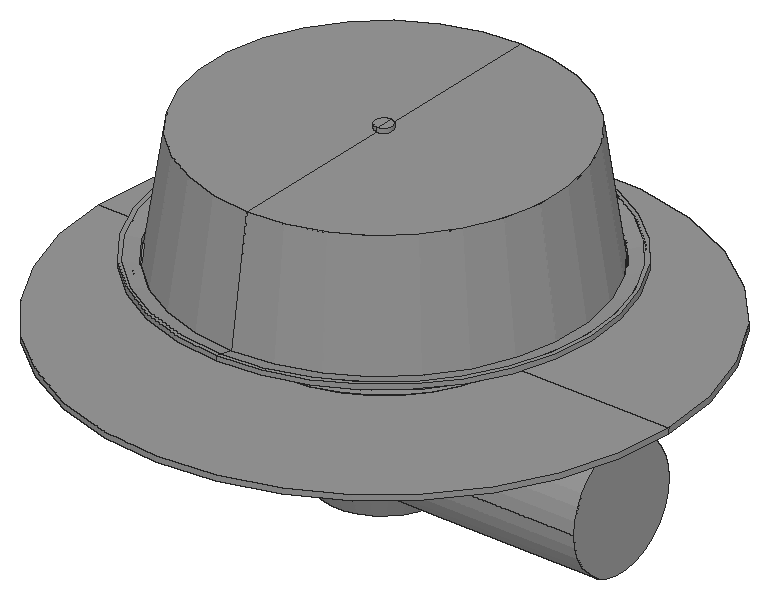
Revit family "HL_RU_Roof drain_HL64FPowerSafe-B-221103", category Sanitärinstallationen, Revit 2020
Family settings
  Bemaßung runder Anschluss = Durchmesser verwenden
  Teiletyp = Normal
  OmniClass-Nummer = 23.70.50.21.24.14
  OmniClass-Titel = Deck Waste Water Drains
  Arbeitsebenenbasiert = Nein
  Immer vertikal = Ja
  Beim Laden mit Abzugskörper schneiden = Nein
  Gemeinsam genutzt = Nein
  Raumberechnungspunkt = Ja
Parameters (values of type "HL_Кровельная воронка_HL64FPowerSafe")
  РЕШЁТКА = "Laubfangkorb d 262 mm"
  РАЗМЕР = "DN75"
  ПРОПУСКНАЯ СПОСОБНОСТЬ [instance] = 0.0 L/s
  ПРОИЗВОДИТЕЛЬНОСТЬ = "l/s"
  ПРАВОВАЯ ИНФОРМАЦИЯ = "Авторские права(©), права на дизайн или какие либо другие права интелектуальной собственности являются исключительной собственностью компании HL Hutterer & Lechner. Изменению не подлежит. Файл семейства с данными о прозводителе изделия защищен паролем с водяным знаком."
  НОМИНАЛЬНЫЙ ДИАМЕТР = 75 mm
  МАТЕРИАЛ = "PP"
  ВЫСОТА МОНТАЖА = "93 mm"
  ВЕС = "3,01 [kg]"
  Vorgabe-Ansicht = 0 mm
  Hersteller = "HL Hutterer & Lechner GmbH"  # constant formula
  URL = "http://www.hutterer-lechner.com/ru/products/catalog/roof-drains/HL64FPowerSafe.aspx"
  Материал плитка [instance] = none
  Lüftungsverbindung = no
  Abwasserrohrverbindung = yes
  HW-Verbindung = no
  KW-Verbindung = no
  Beschreibung = "Кровельные воронки"
  Model = "HL64FPowerSafe"
  Typenkommentare = "HL64FPowerSafe, Воронка для водостока с отсекателем воздуха, с корпусом из ПП DN75"
  Keynote = "HL64FPowerSafe"
  Bысота монтажа [instance] = 28 mm  # constant formula
  G [instance] = 90.00°  # constant formula
  EAN = "9003076040865"
  D [instance] = 150 mm
  C [instance] = if(Bысота монтажа - 68 mm < 0 mm, 0 mm, Bысота монтажа - 68 mm)  # 0 mm
  B [instance] = Bысота монтажа + 55 mm  # 83 mm
  A [instance] = if(B - 100 mm > 15 mm, B - 100 mm, 15 mm)  # 15 mm
Reference planes
  plane 1 "Center (Front/Back)": y = 0
  plane 2: z = 0
  plane 3 "Center (Left/Right)": x = 0
  plane 4: z = -83
  plane 5: z = -28
Lines and regions (mm)
  model lines, style "InvisibleLines"
    curve 1: line (0, 0, 0) -> (0, 0, 20)
  model lines, style "PlumbingFixtures", detail levels coarse+medium
    curve 2: line (0, 0, -83) -> (0, 0, -68)
    curve 3: line (0, 0, -68) -> (-68, 0, 0)
    curve 4: line (0, 0, -68) -> (68, 0, 0)
    curve 6: line (0, 0, -83) -> (150, 0, -83)
  reference lines, not visible
    curve 5: line (0, 0, -83) -> (150, 0, -83)
  symbolic lines, style "PlumbingFixtures", detail levels coarse+medium
    curve 7: line (-75, 75, 0) -> (75, 75, 0)
    curve 8: line (-75, -75, 0) -> (-75, 75, 0)
    curve 9: line (75, -75, 0) -> (-75, -75, 0)
    curve 10: line (75, 75, 0) -> (75, -75, 0)
    curve 11: line (-75, 75, 0) -> (-145.711, 145.711, 0)
    curve 12: line (75, 75, 0) -> (145.711, 145.711, 0)
    curve 13: line (-75, -75, 0) -> (-145.711, -145.711, 0)
    curve 14: line (75, -75, 0) -> (145.711, -145.711, 0)
  symbolic lines, style "PlumbingFixtures", not visible, detail levels coarse+medium
    curve 15: line (-75, 75, 0) -> (75, 75, 0)
    curve 16: line (-75, -75, 0) -> (-75, 75, 0)
    curve 17: line (75, -75, 0) -> (-75, -75, 0)
    curve 18: line (75, 75, 0) -> (75, -75, 0)
    curve 19: line (-75, 75, 0) -> (-145.711, 145.711, 0)
    curve 20: line (75, 75, 0) -> (145.711, 145.711, 0)
    curve 21: line (-75, -75, 0) -> (-145.711, -145.711, 0)
    curve 22: line (75, -75, 0) -> (145.711, -145.711, 0)
Text (mm)
  text "FLOOR" at (-162.344, 0, -10.979), in view "Drain Construction View"
Dimensions and locks
  "B": plane 2 to plane 4
  "Bысота монтажа": plane 2 to plane 5
  "A": curve 4 to plane 4
  "D": curve 5 to curve 5
  "D": curve 6 to curve 6
  locked: curve 4 to plane 3 "Center (Left/Right)" (angle 45.00°)
  locked: plane 3 "Center (Left/Right)" to curve 3 (angle 45.00°)
  "G": angle curve 5 to plane 3 "Center (Left/Right)"
  aligned and locked: level to plane 2
  aligned and locked: plane 2 to curve 4
  aligned and locked: plane 2 to curve 3
  aligned and locked: plane 4 to curve 5
  aligned and locked: plane 3 "Center (Left/Right)" to curve 5
  aligned and locked: plane 4 to curve 2
  aligned and locked: plane 3 "Center (Left/Right)" to curve 6
  aligned and locked: plane 4 to curve 6
  aligned and locked: nested 1 to plane 5
  aligned and locked: plane 2 to nested 2
  aligned and locked: plane 3 "Center (Left/Right)" to nested 2
  aligned and locked: plane 3 "Center (Left/Right)" to nested 1
Automatic sketch dimensions
  curve 2 to plane 3 "Center (Left/Right)" = 0 mm
  curve 1 to plane 3 "Center (Left/Right)" = 0 mm
  curve 1 to level = 0 mm
  level to curve 1 = 20 mm
Nested families
  nested 1: "HL_кровельные воронки - корпус_HL64FPowerSafe" at (0, 0, -28), type "HL_кровельные воронки - корпус_HL64FPowerSafe"
  nested 2: "HL_Вспомогательные материалы-Противопожарная защита_HL062.1EPowerSafe" at (0, 0, 0), Bысота монтажа <- "Bысота монтажа", type "HL_Вспомогательные материалы-Противопожарная защита_HL062.1EPowerSafe"
    with L2 158 mm, L 49 mm, IHmin 28 mm, IHmax 68 mm, Bысота монтажа 28 mm
Connectors
  piping at (150, 0, -83), diameter 75, driven by "ПРОПУСКНАЯ СПОСОБНОСТЬ", driven by "НОМИНАЛЬНЫЙ ДИАМЕТР"
    settings: on curve 5, index 1, connector inside diameter 609.6 mm, connector length 0 mm, flow factor 0, pipe flow 0.0 L/s, pressure drop 0.0 Pa, fitting loss kfactor 0, connector angle 0.00°, fixture units 0, engagement length 0 mm, angle of deflection 0.00°, flow configuration 1, flow direction 2, fitting loss method 0, system type 16, joint type 0, gender type 0, connector reference index -1, connector utility 0, adjustable connector yes, is connector primary yes, connector description ""
Definition of nested family "HL_кровельные воронки - корпус_HL64FPowerSafe"
  Parameters (values of type "HL_кровельные воронки - корпус_HL64FPowerSafe")
    НОМИНАЛЬНЫЙ ДИАМЕТР = 50 mm
    Default Elevation = 0 mm
    Manufacturer = ""
    URL = ""
    Description = ""
    Model = ""
    Type Comments = ""
    Cost = 0
  Reference planes
    plane 1 "Střed (vpředu/vzadu)": y = 0
    plane 2: z = 0
    plane 3 "Střed (vlevo/vpravo)": x = 0
  Forms (mm)
    Revolve 1, solid, detail levels fine
      sketch origin (0, 0, 0) x (1, 0, 0) y (0, 0, 1)
        loop
          line (-180, -3.5) -> (-84, -3.5) -> (-84, -35) -> (-67.169, -35) -> (-36.596, -92.5) -> (0, -92.5) -> (0, -70.952) -> (-44.558, -70.952) -> (-65.535, -31.5) -> (-79.3, -31.5) -> (-79.3, 0) -> (-180, 0) -> (-180, -3.5)
        axis (0, 0) -> (0, -92.5)
      angle from 0 to 360
    Revolve 2, void
      sketch origin (0, 0, 0) x (1, 0, 0) y (0, 0, 1)
        loop
          line (-79.3, 0) -> (-79.3, -31.5) -> (-65.535, -31.5) -> (-44.074, -70.952) -> (0, -70.952) -> (0, 0) -> (-79.3, 0)
        axis (0, 0) -> (0, -70.952)
      angle from 0 to 360
    Extrusion 3, solid, detail levels fine
      sketch origin (0, 0, 0) x (0, 1, 0) y (0, 0, 1)
        loop
          circle (0, -55) r 37.5
      from 0 to 150
  Cuts and joins
    Revolve 2 cuts Revolve 1
    Revolve 2 cuts Extrusion 3
  Dimensions and locks
    aligned and locked: level to plane 2
Definition of nested family "HL_Вспомогательные материалы-Противопожарная защита_HL062.1EPowerSafe"
  Parameters (values of type "HL_Вспомогательные материалы-Противопожарная защита_HL062.1EPowerSafe")
    РЕШЁТКА = "Laubfangkorb d 262 mm"
    ПРАВОВАЯ ИНФОРМАЦИЯ = "Авторские права(©), права на дизайн или какие либо другие права интелектуальной собственности являются исключительной собственностью компании HL Hutterer & Lechner. Изменению не подлежит. Файл семейства с данными о прозводителе изделия защищен паролем с водяным знаком."
    МАТЕРИАЛ = "PP"
    ВЕС = "1,289 [kg]"
    Default Elevation = 0 mm
    Manufacturer = "HL Hutterer & Lechner GmbH"
    URL = "http://www.hutterer-lechner.com/ru/products/catalog/roof-drains/HL062.1EPowersafe.aspx"
    Материал плитка = none
    Description = "Кровельные воронки"
    Model = "HL062.1EPowerSafe"
    L2 [instance] = 158 mm
    L [instance] = if(Bысота монтажа < IHmin, -100 mm, if(Bысота монтажа > IHmax, -100 mm, Bысота монтажа + 21 mm))  # 49 mm
    Type Comments = "HL062.1EPowerSafe, Вставка в воронку для аварийного водоотведения"
    Keynote = "HL062.1EPowerSafe"
    Bысота монтажа [instance] = 28 mm
    IHmin [instance] = 28 mm
    IHmax [instance] = 68 mm
    EAN = "9003076040568"
    Cost = 0
  Reference planes
    plane 1 "Střed (vpředu/vzadu)": y = 0
    plane 2: z = 0
    plane 3 "Střed (vlevo/vpravo)": x = 0
  Forms (mm)
    Revolve 1, solid, detail levels fine
      sketch origin (0, 0, 0) x (0, 1, 0) y (0, 0, 1)
        loop
          line (0, -66.5) -> (62.442, -66.5) -> (64.508, -64.434) -> (64.508, -0.792) -> (68.942, 3.642) -> (119.719, 3.642) -> (108.539, 78.674) -> (5.325, 78.674) -> (5.325, 81.183) -> (0, 81.183) -> (0, -66.5)
        axis (0, 81.183) -> (0, -66.5)
      angle from 0 to 360
    Revolve 2, solid, detail levels fine
      sketch origin (0, 68.849, -57.5) x (0, -1, 0) y (0, 0, -1)
        loop
          line (4.265, -44.566) -> (4.265, 0) -> (0, 0) -> (0, -3.5) -> (-5.643, -3.5) -> (-10.659, -10.663) -> (-10.659, -29.5) -> (-0.659, -29.5) -> (-0.659, -44.566) -> (4.265, -44.566)
        axis (68.849, -44.566) -> (68.849, 0)
      angle from 0 to 360
    Revolve 3, solid, detail levels fine
      sketch origin (0, 0, 0) x (0, 1, 0) y (0, 0, 1)
        loop
          line (64.584, -4.434) -> (65.451, -4.434) -> (69.885, 0) -> (124.039, 0) -> (124.771, 2.936) -> (131.655, 4.399) -> (131.655, 7.41) -> (129.286, 7.41) -> (120.568, 5.557) -> (120.568, 3.642) -> (69.732, 3.642) -> (64.584, -0.993) -> (64.584, -4.434)
        axis (0, 7.41) -> (0, -4.434)
      angle from 0 to 360
  Lines and regions (mm)
    reference lines
      curve 1: line (0, 68.849, -49) -> (0, -216.151, -49)
  Dimensions and locks
    "L": curve 1 to plane 2
    aligned and locked: level to plane 2
  Automatic sketch dimensions
    Revolve 2 sketch curve to curve 1 = 8.5 mm
    Revolve 2 sketch curve to curve 1 = 0 mm
    curve 1 to Revolve 2 sketch curve = 5 mm
    Revolve 2 sketch curve to curve 1 = 0.659 mm
    Revolve 2 sketch curve to curve 1 = 5.643 mm
    Revolve 2 sketch curve to Revolve 2 sketch curve = 5.016 mm
    curve 1 to Revolve 2 sketch curve = 4.265 mm
    Revolve 2 sketch curve to Revolve 2 sketch curve = 7.163 mm
    Revolve 2 sketch curve to curve 1 = 21 mm
    Revolve 2 sketch curve to curve 1 = 36.066 mm
    curve 1 to Revolve 2 sketch curve = 68.849 mm
    Revolve 2 sketch curve to curve 1 = 340.5 mm
    curve 1 to Revolve 2 sketch curve = 259.5 mm
    Revolve 1 sketch curve to plane 1 "Střed (vpředu/vzadu)" = 0 mm  (x2)
    Revolve 1 sketch curve to plane 1 "Střed (vpředu/vzadu)" = 5.325 mm
    Revolve 1 sketch curve to plane 1 "Střed (vpředu/vzadu)" = 62.442 mm
    Revolve 1 sketch curve to level = 0.792 mm
    Revolve 1 sketch curve to plane 1 "Střed (vpředu/vzadu)" = 64.508 mm
    Revolve 1 sketch curve to Revolve 1 sketch curve = 4.434 mm
    Revolve 1 sketch curve to Revolve 1 sketch curve = 39.597 mm
    Revolve 1 sketch curve to Revolve 1 sketch curve = 63.642 mm
    Revolve 1 sketch curve to Revolve 1 sketch curve = 2.066 mm
    level to Revolve 1 sketch curve = 78.674 mm
    Revolve 1 sketch curve to Revolve 1 sketch curve = 2.51 mm
    Revolve 1 sketch curve to Revolve 1 sketch curve = 50.777 mm
    level to Revolve 1 sketch curve = 3.642 mm
    Revolve 1 sketch curve to Revolve 1 sketch curve = 10 mm
    Revolve 1 sketch curve to Revolve 1 sketch curve = 25 mm
    level to Revolve 3 sketch curve = 0 mm
    Revolve 3 sketch curve to level = 4.434 mm
    Revolve 3 sketch curve to plane 1 "Střed (vpředu/vzadu)" = 65.451 mm
    level to Revolve 3 sketch curve = 3.642 mm
    Revolve 3 sketch curve to Revolve 3 sketch curve = 4.28 mm
    Revolve 3 sketch curve to Revolve 3 sketch curve = 0.154 mm
    level to Revolve 3 sketch curve = 5.557 mm
    Revolve 3 sketch curve to Revolve 3 sketch curve = 50.836 mm
    Revolve 3 sketch curve to Revolve 3 sketch curve = 3.471 mm
    level to Revolve 3 sketch curve = 2.936 mm
    Revolve 3 sketch curve to Revolve 3 sketch curve = 0.732 mm
    level to Revolve 3 sketch curve = 7.41 mm
    Revolve 3 sketch curve to Revolve 3 sketch curve = 4.515 mm
    Revolve 3 sketch curve to Revolve 3 sketch curve = 2.369 mm
    Revolve 3 sketch curve to Revolve 3 sketch curve = 3.011 mm
    Revolve 3 sketch curve to Revolve 3 sketch curve = 0.867 mm
    Revolve 3 sketch curve to level = 0.993 mm
    plane 1 "Střed (vpředu/vzadu)" to curve 1 = 216.151 mm
    curve 1 to plane 1 "Střed (vpředu/vzadu)" = 68.849 mm
